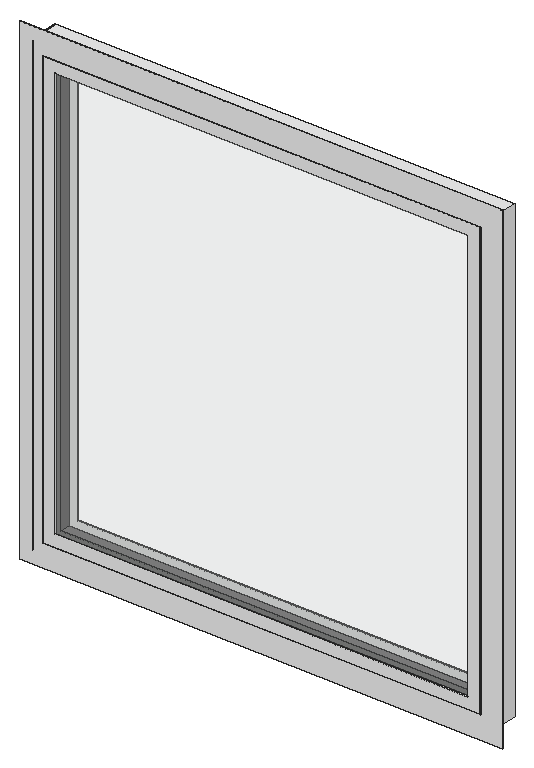
Revit family "Casement_34_B_Side_Hung_Standard", category Windows, host Wall, Revit 2014
Parameters (values of type "Casement_Sash_DG")
  Width Sash [instance] = 30 mm
  Width Sash Inner = 15 mm
  Width Bead = 15 mm
  Top Hung [instance] = yes
  Side Hung Right [instance] = yes
  Side Hung Left [instance] = yes
  Sash Opening Width [instance] = 600 mm
  Sash Opening Height [instance] = 600.312 mm
  Sash Lip = 15 mm
  Glazing Material [instance] = Glass
  DG Start Piece 2 [instance] = DG End Piece 1 + DG Gasket Thickness  # 25 mm
  DG Start Peice 1 [instance] = (Depth Sash - (2 * DG Glazing Thickness) - DG Gasket Thickness) / 2  # 6.6 mm
  Glazing Offset = 5 mm
  DG Glazing Thickness [instance] = 6.4 mm
  DG Gasket Thickness = 12 mm  # constant formula
  DG Gasket Material [instance] = Double Glazing Gasket Material
  DG End Piece 2 [instance] = DG Start Piece 2 + DG Glazing Thickness  # 31.4 mm
  DG End Piece 1 [instance] = DG Start Peice 1 + DG Glazing Thickness  # 13 mm
  Depth Sash [instance] = 38 mm
  Center Vertical Sash [instance] = Sash Opening Height / 2  # 300.156 mm
  Center Horizontal Sash [instance] = Sash Opening Width / 2  # 300 mm
  Bottom Hung [instance] = yes
  Bead Offset = 15 mm
  Aluminium Thickness = 1 mm
  Aluminium Material [instance] = White Powder Coated Aluminium
Reference planes
  plane 1 "Center (Front/Back)": y = 0
  plane 2: z = 0
  plane 3 "Center (Left/Right)": x = 0
Forms (mm)
  Sweep 1, solid, material "White Powder Coated Aluminium" <- "Aluminium Material"
    path origin (16.177, 0, 121.331) x (1, 0, 0) y (0, 0, 1)
      loop
        line (0, 0) -> (600, 0) -> (600, 600.312) -> (0, 600.312) -> (0, 0)
    profile origin (316.177, 0, 121.331) x (0, 0, 1) y (0, -1, 0)
      loop
        line (0, 0) -> (30, 0) -> (30, 1) -> (15, 1) -> (15, 38) -> (-15, 38) -> (-15, 37) -> (0, 37) -> (0, 0)
      loop
        line (14, 1) -> (14, 37) -> (1, 37) -> (1, 1) -> (14, 1)
  Sweep 2, solid, material "White Powder Coated Aluminium" <- "Aluminium Material"
    path origin (0, 0, 0) x (1, 0, 0) y (0, 0, 1)
      loop
        line (31.177, 706.643) -> (31.177, 136.331) -> (601.177, 136.331) -> (601.177, 706.643) -> (31.177, 706.643)
    profile origin (316.177, 0, 706.643) x (0, 0, 1) y (0, -1, 0)
      loop
        line (0, 37) -> (0, 38) -> (-15, 38) -> (-15, 37) -> (0, 37)
  Extrusion 3, solid, material "Glass" <- "Glazing Material"
    sketch origin (0, 0, 0) x (1, 0, 0) y (0, 0, 1)
      loop
        line (36.177, 701.643) -> (36.177, 141.331) -> (596.177, 141.331) -> (596.177, 701.643) -> (36.177, 701.643)
    from 6.6 <- "DG Start Peice 1" to 13 <- "DG End Piece 1"
  Extrusion 4, solid, material "Glass" <- "Glazing Material"
    sketch origin (0, 0, 0) x (1, 0, 0) y (0, 0, 1)
      loop
        line (36.177, 701.643) -> (36.177, 141.331) -> (596.177, 141.331) -> (596.177, 701.643) -> (36.177, 701.643)
    from 31.4 <- "DG End Piece 2" to 25 <- "DG Start Piece 2"
  Sweep 5, solid, material "Double Glazing Gasket Material" <- "DG Gasket Material"
    path origin (0, -13, 0) x (1, 0, 0) y (0, 0, 1)
      loop
        line (36.177, 701.643) -> (36.177, 141.331) -> (596.177, 141.331) -> (596.177, 701.643) -> (36.177, 701.643)
    profile origin (316.177, -13, 701.643) x (0, 0, 1) y (0, -1, 0)
      loop
        line (0, 0) -> (0, 12) -> (-7.96, 12) -> (-7.96, 0) -> (0, 0)
Lines and regions (mm)
  model lines
    curve 1: line (1.177, -38, 736.643) -> (31.177, -38, 706.643)
    curve 2: line (601.177, -38, 706.643) -> (631.177, -38, 736.643)
    curve 3: line (601.177, -38, 136.331) -> (631.177, -38, 106.331)
    curve 4: line (1.177, -38, 106.331) -> (31.177, -38, 136.331)
    curve 5: line (631.177, -37, 736.643) -> (616.177, -37, 721.643)
    curve 6: line (1.177, -37, 736.643) -> (16.177, -37, 721.643)
    curve 7: line (1.177, -37, 106.331) -> (16.177, -37, 121.331)
    curve 8: line (631.177, -37, 106.331) -> (616.177, -37, 121.331)
    curve 9: line (616.177, 0, 121.331) -> (586.177, 0, 151.331)
    curve 10: line (46.177, 0, 151.331) -> (16.177, 0, 121.331)
    curve 11: line (616.177, 0, 721.643) -> (586.177, 0, 691.643)
    curve 12: line (46.177, 0, 691.643) -> (16.177, 0, 721.643)
    curve 13: line (31.177, -38, 691.643) -> (46.177, -38, 691.643)
    curve 14: line (586.177, -38, 691.643) -> (601.177, -38, 691.643)
    curve 15: line (586.177, -38, 151.331) -> (601.177, -38, 151.331)
    curve 16: line (31.177, -38, 151.331) -> (46.177, -38, 151.331)
  model lines, style "GenericModelHiddenLines", visible <- "Top Hung"
    curve 17: line (46.386, -31.4, 690.914) -> (316.177, -31.4, 151.331)
    curve 18: line (316.177, -31.4, 151.331) -> (586.177, -31.4, 691.331)
  model lines, style "GenericModelHiddenLines", visible <- "Bottom Hung"
    curve 19: line (46.177, -31.4, 151.331) -> (316.177, -31.4, 691.331)
    curve 20: line (316.177, -31.4, 691.331) -> (586.177, -31.4, 151.331)
  model lines, style "GenericModelHiddenLines", visible <- "Side Hung Left"
    curve 21: line (46.386, -31.4, 690.914) -> (585.24, -31.4, 421.487)
    curve 22: line (585.24, -31.4, 421.487) -> (46.177, -31.4, 151.331)
  model lines, style "GenericModelHiddenLines", visible <- "Side Hung Right"
    curve 23: line (586.177, -31.4, 691.331) -> (46.177, -31.4, 421.487)
    curve 24: line (46.177, -31.4, 421.487) -> (586.177, -31.4, 151.331)
Dimensions and locks
  "Aluminium Thickness": Sweep 1 sketch curve to Sweep 1 sketch curve  (x4)
  "Depth Sash": Sweep 1 sketch curve to Sweep 1 sketch curve
  "Sash Opening Width": Sweep 1 to Sweep 1
  "Sash Opening Height": Sweep 1 to Sweep 1
  "Width Sash": Sweep 1 sketch curve to Sweep 1 sketch curve  (x2)
  "Width Sash Inner": Sweep 1 sketch curve to Sweep 1 sketch curve
  "Sash Lip": Sweep 1 sketch curve to Sweep 1 sketch curve
  "Aluminium Thickness": Sweep 1 to Sweep 2 sketch curve
  "Glazing Offset": Sweep 2 to Extrusion 3 sketch curve  (x3)
  "Glazing Offset": Extrusion 3 sketch curve to Sweep 2
  Sweep 1 to Sweep 1 = 1 mm
  "Aluminium Thickness": Sweep 2 sketch curve to Sweep 2 sketch curve
  "Width Bead": Sweep 2 sketch curve to Sweep 2 sketch curve
  locked: Sweep 5 sketch curve to Sweep 5 sketch curve at 7.96
  "Center Horizontal Sash": Sweep 1 to curve 18
  "Center Horizontal Sash": Sweep 1 to curve 20
  "Center Vertical Sash": Sweep 1 to curve 22
  "Center Vertical Sash": Sweep 1 to curve 24
  aligned and locked: level to plane 2
  aligned and locked: Sweep 1 sketch curve to Sweep 1 sketch curve  (x2)
  aligned and locked: Sweep 2 sketch curve to Sweep 1  (x5)
  aligned and locked: Extrusion 4 sketch curve to Extrusion 3  (x4)
  aligned and locked: Sweep 5 sketch curve to Extrusion 3  (x5)
  aligned and locked: Extrusion 3 to Sweep 5 sketch curve
Automatic sketch dimensions
  plane 3 "Center (Left/Right)" to Sweep 1 sketch curve = 16.177 mm
  level to Sweep 1 sketch curve = 121.331 mm
  plane 3 "Center (Left/Right)" to Sweep 1 sketch curve = 616.177 mm
  level to Sweep 1 sketch curve = 721.643 mm
  profile plane to Sweep 5 sketch curve = 12 mm
  curve 7 to Sweep 1 = 0 mm  (x4)
  curve 6 to Sweep 1 = 0 mm  (x3)
  Sweep 1 to curve 6 = 0 mm
  curve 5 to Sweep 1 = 0 mm  (x3)
  curve 8 to Sweep 1 = 0 mm  (x4)
  Sweep 1 to curve 5 = 0 mm
  curve 16 to Sweep 2 = 0 mm  (x3)
  curve 13 to Sweep 2 = 0 mm  (x3)
  curve 15 to Sweep 2 = 0 mm
  Sweep 2 to curve 15 = 0 mm  (x2)
  curve 14 to Sweep 2 = 0 mm  (x2)
  Sweep 2 to curve 14 = 0 mm
  curve 1 to Sweep 1 = 0 mm  (x4)
  curve 4 to Sweep 1 = 0 mm  (x3)
  Sweep 1 to curve 4 = 0 mm
  curve 3 to Sweep 1 = 0 mm  (x3)
  curve 2 to Sweep 1 = 0 mm  (x4)
  Sweep 1 to curve 3 = 0 mm
  curve 10 to Sweep 1 = 0 mm  (x4)
  curve 12 to Sweep 1 = 0 mm  (x3)
  Sweep 1 to curve 12 = 0 mm
  curve 9 to Sweep 1 = 0 mm  (x4)
  curve 11 to Sweep 1 = 0 mm  (x3)
  Sweep 1 to curve 11 = 0 mm
  Sweep 1 sketch curve to plane 1 "Center (Front/Back)" = 0 mm
  profile plane to Sweep 1 sketch curve = 0 mm
  curve 21 to Extrusion 4 = 10.208 mm
  curve 19 to Extrusion 4 = 10 mm
  curve 23 to Extrusion 4 = 10 mm  (x2)
  curve 22 to Extrusion 4 = 10.937 mm
  curve 20 to Extrusion 4 = 10 mm
  curve 24 to Extrusion 4 = 10 mm
  curve 22 to Extrusion 4 = 10 mm
  curve 18 to Extrusion 4 = 10 mm
  curve 21 to Extrusion 4 = 10.729 mm
  curve 19 to Extrusion 4 = 10.312 mm
  curve 18 to Extrusion 4 = 10.312 mm
Types in the file's own list only (18): name | Windload Design | Width Sash Opening | Width Sash | Width Profile | Width Panel 4 | Width Panel 1 | Width | URL | Offset Window Exterior | Max System DG Unit Thickness | Max System DG One Piece Thickness | Max Pane Area | Limit Fixed Panel Width Max | Intruderprufe U Value | Intruderprufe SHGC Value | Intruderprufe LowE U Value | Intruderprufe LowE SHGC Value | Height Sash Opening | Height | Energy Advantage U Value | Energy Advantage SHGC Value | DG Thickness Calc | Custom Window Width | Custom Window Height | Window Exterior Offset | Custom Windload | Custom Sash Width | Sash Spacing Inner | Sash Overlap | Sash Center Offset | SG Gasket Thickness | Offset Sash Left | Offset Sash Top | Offset Panel 4 Left | Offset Mullion Left | Offset Bead SG Center Reversed | Model | Manufacturer | Limit Window Width Min | Limit Window Width Max | Limit Window Height Min | Limit Window Height Max | Limit Sash Width Min | Limit Sash Width Max | Limit Sash Height Min | Limit Sash Height Max | Limit Fixed Panel Width Min | Length Mullion | Height Sash | Height Panel 4 | Description | Depth Mullion | Frame Center Offset | Depth Bead | Default Sill Height | Wall Closure | DG Gasket Finish | DG Extrusion Start | Mullion Depth Windload Based | Clearvue U Value | Clearvue SHGC Value | Clearvue Insulated U Value | Clearvue Insulated SHGC Value | Clearvue Insulated LowE U Value | Clearvue Insulated LowE SHGC Value | Casement Dimension | Bead SG Gap | Area Pane Right | Area Pane Left
  34-0909S-1000Pa | 1000 mm | 554 mm | 524 mm | 30 mm | 261 mm | 539 mm | 890 mm | "http://www.crealco.co.za/crealco-products.php" | 17 mm | 20 mm | 4 mm | 0.37 m² | 1500 mm | 6.1 | 0.542 | 4.63 | 0.482 | 844 mm | 890 mm | 4.79 | 0.514 | 4 mm | 890 mm | 890 mm | 0 mm | 1000 mm | 554 mm | 8 mm | 7 mm | 14 mm | 6 mm | 23 mm | 23 mm | 599 mm | 569 mm | 17 mm | "Window 34mm, Type B side hung" | "Crealco" | 829 mm | 2129 mm | 346 mm | 1546 mm | 300 mm | 700 mm | 300 mm | 1500 mm | 200 mm | 890 mm | 814 mm | 830 mm | "Casement 34" | 35 mm | 17 mm | 20 mm | 800 mm | By host | Double Glazing Gasket Material | 7 mm | 35 mm | 6.15 | 0.574 | 4.26 | 0.511 | 3.68 | 0.465 | 34 mm | 13 mm | 0.21 m² | 0.37 m²
  34-0909S-1500Pa | 1500 mm | 554 mm | 524 mm | 30 mm | 261 mm | 539 mm | 890 mm | "http://www.crealco.co.za/crealco-products.php" | 17 mm | 20 mm | 4 mm | 0.37 m² | 1500 mm | 6.1 | 0.542 | 4.63 | 0.482 | 844 mm | 890 mm | 4.79 | 0.514 | 4 mm | 890 mm | 890 mm | 0 mm | 1500 mm | 554 mm | 8 mm | 7 mm | 14 mm | 6 mm | 23 mm | 23 mm | 599 mm | 569 mm | 17 mm | "Window 34mm, Type B side hung" | "Crealco" | 829 mm | 2129 mm | 346 mm | 1546 mm | 300 mm | 700 mm | 300 mm | 1500 mm | 200 mm | 890 mm | 814 mm | 830 mm | "Casement 34" | 35 mm | 17 mm | 20 mm | 800 mm | By host | Double Glazing Gasket Material | 7 mm | 35 mm | 6.15 | 0.574 | 4.26 | 0.511 | 3.68 | 0.465 | 34 mm | 13 mm | 0.21 m² | 0.37 m²
  34-0909S-2000Pa | 2000 mm | 554 mm | 524 mm | 30 mm | 261 mm | 539 mm | 890 mm | "http://www.crealco.co.za/crealco-products.php" | 17 mm | 20 mm | 4 mm | 0.37 m² | 1500 mm | 6.1 | 0.542 | 4.63 | 0.482 | 844 mm | 890 mm | 4.79 | 0.514 | 4 mm | 890 mm | 890 mm | 0 mm | 2000 mm | 554 mm | 8 mm | 7 mm | 14 mm | 6 mm | 23 mm | 23 mm | 599 mm | 569 mm | 17 mm | "Window 34mm, Type B side hung" | "Crealco" | 829 mm | 2129 mm | 346 mm | 1546 mm | 300 mm | 700 mm | 300 mm | 1500 mm | 200 mm | 890 mm | 814 mm | 830 mm | "Casement 34" | 35 mm | 17 mm | 20 mm | 800 mm | By host | Double Glazing Gasket Material | 7 mm | 35 mm | 6.15 | 0.574 | 4.26 | 0.511 | 3.68 | 0.465 | 34 mm | 13 mm | 0.21 m² | 0.37 m²
  34-1209S-1000Pa | 1000 mm | 554 mm | 524 mm | 30 mm | 561 mm | 539 mm | 1190 mm | "http://www.crealco.co.za/crealco-products.php" | 17 mm | 20 mm | 4 mm | 0.45 m² | 1500 mm | 6.02 | 0.587 | 4.41 | 0.521 | 844 mm | 890 mm | 4.6 | 0.556 | 4 mm | 1190 mm | 890 mm | 0 mm | 1000 mm | 554 mm | 8 mm | 7 mm | 14 mm | 6 mm | 23 mm | 23 mm | 599 mm | 569 mm | 17 mm | "Window 34mm, Type B side hung" | "Crealco" | 829 mm | 2129 mm | 346 mm | 1546 mm | 300 mm | 700 mm | 300 mm | 1500 mm | 200 mm | 890 mm | 814 mm | 830 mm | "Casement 34" | 35 mm | 17 mm | 20 mm | 800 mm | By host | Double Glazing Gasket Material | 7 mm | 35 mm | 6.1 | 0.621 | 3.99 | 0.552 | 3.38 | 0.502 | 34 mm | 13 mm | 0.45 m² | 0.37 m²
  34-1209S-1500Pa | 1500 mm | 554 mm | 524 mm | 30 mm | 561 mm | 539 mm | 1190 mm | "http://www.crealco.co.za/crealco-products.php" | 17 mm | 20 mm | 4 mm | 0.45 m² | 1500 mm | 6.02 | 0.587 | 4.41 | 0.521 | 844 mm | 890 mm | 4.6 | 0.556 | 4 mm | 1190 mm | 890 mm | 0 mm | 1500 mm | 554 mm | 8 mm | 7 mm | 14 mm | 6 mm | 23 mm | 23 mm | 599 mm | 569 mm | 17 mm | "Window 34mm, Type B side hung" | "Crealco" | 829 mm | 2129 mm | 346 mm | 1546 mm | 300 mm | 700 mm | 300 mm | 1500 mm | 200 mm | 890 mm | 814 mm | 830 mm | "Casement 34" | 35 mm | 17 mm | 20 mm | 800 mm | By host | Double Glazing Gasket Material | 7 mm | 35 mm | 6.1 | 0.621 | 3.99 | 0.552 | 3.38 | 0.502 | 34 mm | 13 mm | 0.45 m² | 0.37 m²
  34-1209S-2000Pa | 2000 mm | 554 mm | 524 mm | 30 mm | 561 mm | 539 mm | 1190 mm | "http://www.crealco.co.za/crealco-products.php" | 17 mm | 20 mm | 4 mm | 0.45 m² | 1500 mm | 6.02 | 0.587 | 4.41 | 0.521 | 844 mm | 890 mm | 4.6 | 0.556 | 4 mm | 1190 mm | 890 mm | 0 mm | 2000 mm | 554 mm | 8 mm | 7 mm | 14 mm | 6 mm | 23 mm | 23 mm | 599 mm | 569 mm | 17 mm | "Window 34mm, Type B side hung" | "Crealco" | 829 mm | 2129 mm | 346 mm | 1546 mm | 300 mm | 700 mm | 300 mm | 1500 mm | 200 mm | 890 mm | 814 mm | 830 mm | "Casement 34" | 35 mm | 17 mm | 20 mm | 800 mm | By host | Double Glazing Gasket Material | 7 mm | 35 mm | 6.1 | 0.621 | 3.99 | 0.552 | 3.38 | 0.502 | 34 mm | 13 mm | 0.45 m² | 0.37 m²
  34-1509S-1000Pa | 1000 mm | 554 mm | 524 mm | 30 mm | 861 mm | 539 mm | 1490 mm | "http://www.crealco.co.za/crealco-products.php" | 17 mm | 20 mm | 4 mm | 0.70 m² | 1500 mm | 5.98 | 0.614 | 4.29 | 0.543 | 844 mm | 890 mm | 4.49 | 0.581 | 4 mm | 1490 mm | 890 mm | 0 mm | 1000 mm | 554 mm | 8 mm | 7 mm | 14 mm | 6 mm | 23 mm | 23 mm | 599 mm | 569 mm | 17 mm | "Window 34mm, Type B side hung" | "Crealco" | 829 mm | 2129 mm | 346 mm | 1546 mm | 300 mm | 700 mm | 300 mm | 1500 mm | 200 mm | 890 mm | 814 mm | 830 mm | "Casement 34" | 35 mm | 17 mm | 20 mm | 800 mm | By host | Double Glazing Gasket Material | 7 mm | 35 mm | 6.07 | 0.65 | 3.82 | 0.576 | 3.2 | 0.524 | 34 mm | 13 mm | 0.70 m² | 0.37 m²
  34-1509S-1500Pa | 1500 mm | 554 mm | 524 mm | 30 mm | 861 mm | 539 mm | 1490 mm | "http://www.crealco.co.za/crealco-products.php" | 17 mm | 20 mm | 4 mm | 0.70 m² | 1500 mm | 5.98 | 0.614 | 4.29 | 0.543 | 844 mm | 890 mm | 4.49 | 0.581 | 4 mm | 1490 mm | 890 mm | 0 mm | 1500 mm | 554 mm | 8 mm | 7 mm | 14 mm | 6 mm | 23 mm | 23 mm | 599 mm | 569 mm | 17 mm | "Window 34mm, Type B side hung" | "Crealco" | 829 mm | 2129 mm | 346 mm | 1546 mm | 300 mm | 700 mm | 300 mm | 1500 mm | 200 mm | 890 mm | 814 mm | 830 mm | "Casement 34" | 35 mm | 17 mm | 20 mm | 800 mm | By host | Double Glazing Gasket Material | 7 mm | 35 mm | 6.07 | 0.65 | 3.82 | 0.576 | 3.2 | 0.524 | 34 mm | 13 mm | 0.70 m² | 0.37 m²
  34-1509S-2000Pa | 2000 mm | 554 mm | 524 mm | 30 mm | 861 mm | 539 mm | 1490 mm | "http://www.crealco.co.za/crealco-products.php" | 17 mm | 20 mm | 4 mm | 0.70 m² | 1500 mm | 5.98 | 0.614 | 4.29 | 0.543 | 844 mm | 890 mm | 4.49 | 0.581 | 4 mm | 1490 mm | 890 mm | 0 mm | 2000 mm | 554 mm | 8 mm | 7 mm | 14 mm | 6 mm | 23 mm | 23 mm | 599 mm | 569 mm | 17 mm | "Window 34mm, Type B side hung" | "Crealco" | 829 mm | 2129 mm | 346 mm | 1546 mm | 300 mm | 700 mm | 300 mm | 1500 mm | 200 mm | 890 mm | 814 mm | 830 mm | "Casement 34" | 35 mm | 17 mm | 20 mm | 800 mm | By host | Double Glazing Gasket Material | 7 mm | 35 mm | 6.07 | 0.65 | 3.82 | 0.576 | 3.2 | 0.524 | 34 mm | 13 mm | 0.70 m² | 0.37 m²
  34-0912S-1000Pa | 1000 mm | 554 mm | 524 mm | 30 mm | 261 mm | 539 mm | 890 mm | "http://www.crealco.co.za/crealco-products.php" | 17 mm | 20 mm | 4 mm | 0.52 m² | 1500 mm | 6.08 | 0.564 | 4.56 | 0.5 | 1144 mm | 1190 mm | 4.71 | 0.534 | 4 mm | 890 mm | 1190 mm | 0 mm | 1000 mm | 554 mm | 8 mm | 7 mm | 14 mm | 6 mm | 23 mm | 23 mm | 599 mm | 569 mm | 17 mm | "Window 34mm, Type B side hung" | "Crealco" | 829 mm | 2129 mm | 346 mm | 1546 mm | 300 mm | 700 mm | 300 mm | 1500 mm | 200 mm | 1190 mm | 1114 mm | 1130 mm | "Casement 34" | 35 mm | 17 mm | 20 mm | 800 mm | By host | Double Glazing Gasket Material | 7 mm | 35 mm | 6.13 | 0.596 | 4.15 | 0.53 | 3.56 | 0.483 | 34 mm | 13 mm | 0.28 m² | 0.52 m²
  34-0912S-1500Pa | 1500 mm | 554 mm | 524 mm | 30 mm | 261 mm | 539 mm | 890 mm | "http://www.crealco.co.za/crealco-products.php" | 17 mm | 20 mm | 4 mm | 0.52 m² | 1500 mm | 6.08 | 0.564 | 4.56 | 0.5 | 1144 mm | 1190 mm | 4.71 | 0.534 | 4 mm | 890 mm | 1190 mm | 0 mm | 1500 mm | 554 mm | 8 mm | 7 mm | 14 mm | 6 mm | 23 mm | 23 mm | 599 mm | 569 mm | 17 mm | "Window 34mm, Type B side hung" | "Crealco" | 829 mm | 2129 mm | 346 mm | 1546 mm | 300 mm | 700 mm | 300 mm | 1500 mm | 200 mm | 1190 mm | 1114 mm | 1130 mm | "Casement 34" | 35 mm | 17 mm | 20 mm | 800 mm | By host | Double Glazing Gasket Material | 7 mm | 35 mm | 6.13 | 0.596 | 4.15 | 0.53 | 3.56 | 0.483 | 34 mm | 13 mm | 0.28 m² | 0.52 m²
  34-0912S-2000Pa | 2000 mm | 554 mm | 524 mm | 30 mm | 261 mm | 539 mm | 890 mm | "http://www.crealco.co.za/crealco-products.php" | 17 mm | 20 mm | 4 mm | 0.52 m² | 1500 mm | 6.08 | 0.564 | 4.56 | 0.5 | 1144 mm | 1190 mm | 4.71 | 0.534 | 4 mm | 890 mm | 1190 mm | 0 mm | 2000 mm | 554 mm | 8 mm | 7 mm | 14 mm | 6 mm | 23 mm | 23 mm | 599 mm | 569 mm | 17 mm | "Window 34mm, Type B side hung" | "Crealco" | 829 mm | 2129 mm | 346 mm | 1546 mm | 300 mm | 700 mm | 300 mm | 1500 mm | 200 mm | 1190 mm | 1114 mm | 1130 mm | "Casement 34" | 54 mm | 17 mm | 20 mm | 800 mm | By host | Double Glazing Gasket Material | 7 mm | 54 mm | 6.13 | 0.596 | 4.15 | 0.53 | 3.56 | 0.483 | 34 mm | 13 mm | 0.28 m² | 0.52 m²
  34-1212S-1000Pa | 1000 mm | 554 mm | 524 mm | 30 mm | 561 mm | 539 mm | 1190 mm | "http://www.crealco.co.za/crealco-products.php" | 17 mm | 20 mm | 4 mm | 0.62 m² | 1500 mm | 6.01 | 0.609 | 4.35 | 0.539 | 1144 mm | 1190 mm | 4.52 | 0.576 | 4 mm | 1190 mm | 1190 mm | 0 mm | 1000 mm | 554 mm | 8 mm | 7 mm | 14 mm | 6 mm | 23 mm | 23 mm | 599 mm | 569 mm | 17 mm | "Window 34mm, Type B side hung" | "Crealco" | 829 mm | 2129 mm | 346 mm | 1546 mm | 300 mm | 700 mm | 300 mm | 1500 mm | 200 mm | 1190 mm | 1114 mm | 1130 mm | "Casement 34" | 35 mm | 17 mm | 20 mm | 800 mm | By host | Double Glazing Gasket Material | 7 mm | 35 mm | 6.08 | 0.644 | 3.88 | 0.571 | 3.25 | 0.519 | 34 mm | 13 mm | 0.62 m² | 0.52 m²
  34-1212S-1500Pa | 1500 mm | 554 mm | 524 mm | 30 mm | 561 mm | 539 mm | 1190 mm | "http://www.crealco.co.za/crealco-products.php" | 17 mm | 20 mm | 4 mm | 0.62 m² | 1500 mm | 5.84 | 0.607 | 4.45 | 0.541 | 1144 mm | 1190 mm | 4.61 | 0.577 | 4 mm | 1190 mm | 1190 mm | 0 mm | 1500 mm | 554 mm | 8 mm | 7 mm | 14 mm | 6 mm | 23 mm | 23 mm | 599 mm | 569 mm | 17 mm | "Window 34mm, Type B side hung" | "Crealco" | 829 mm | 2129 mm | 346 mm | 1546 mm | 300 mm | 700 mm | 300 mm | 1500 mm | 200 mm | 1190 mm | 1114 mm | 1130 mm | "Casement 34" | 54 mm | 17 mm | 20 mm | 800 mm | By host | Double Glazing Gasket Material | 7 mm | 54 mm | 6.15 | 0.644 | 3.8 | 0.586 | 3.37 | 0.521 | 34 mm | 13 mm | 0.62 m² | 0.52 m²
  34-1212S-2000Pa | 2000 mm | 554 mm | 524 mm | 30 mm | 561 mm | 539 mm | 1190 mm | "http://www.crealco.co.za/crealco-products.php" | 17 mm | 20 mm | 4 mm | 0.62 m² | 1500 mm | 5.84 | 0.607 | 4.45 | 0.541 | 1144 mm | 1190 mm | 4.61 | 0.577 | 4 mm | 1190 mm | 1190 mm | 0 mm | 2000 mm | 554 mm | 8 mm | 7 mm | 14 mm | 6 mm | 23 mm | 23 mm | 599 mm | 569 mm | 17 mm | "Window 34mm, Type B side hung" | "Crealco" | 829 mm | 2129 mm | 346 mm | 1546 mm | 300 mm | 700 mm | 300 mm | 1500 mm | 200 mm | 1190 mm | 1114 mm | 1130 mm | "Casement 34" | 54 mm | 17 mm | 20 mm | 800 mm | By host | Double Glazing Gasket Material | 7 mm | 54 mm | 6.15 | 0.644 | 3.8 | 0.586 | 3.37 | 0.521 | 34 mm | 13 mm | 0.62 m² | 0.52 m²
  34-1512S-1000Pa | 1000 mm | 554 mm | 524 mm | 30 mm | 861 mm | 539 mm | 1490 mm | "http://www.crealco.co.za/crealco-products.php" | 17 mm | 20 mm | 4 mm | 0.95 m² | 1500 mm | 5.96 | 0.636 | 4.23 | 0.561 | 1144 mm | 1190 mm | 4.41 | 0.601 | 4 mm | 1490 mm | 1190 mm | 0 mm | 1000 mm | 554 mm | 8 mm | 7 mm | 14 mm | 6 mm | 23 mm | 23 mm | 599 mm | 569 mm | 17 mm | "Window 34mm, Type B side hung" | "Crealco" | 829 mm | 2129 mm | 346 mm | 1546 mm | 300 mm | 700 mm | 300 mm | 1500 mm | 200 mm | 1190 mm | 1114 mm | 1130 mm | "Casement 34" | 35 mm | 17 mm | 20 mm | 800 mm | By host | Double Glazing Gasket Material | 7 mm | 35 mm | 6.05 | 0.672 | 3.72 | 0.596 | 3.07 | 0.542 | 34 mm | 13 mm | 0.95 m² | 0.52 m²
  34-1512S-1500Pa | 1500 mm | 554 mm | 524 mm | 30 mm | 861 mm | 539 mm | 1490 mm | "http://www.crealco.co.za/crealco-products.php" | 17 mm | 20 mm | 4 mm | 0.95 m² | 1500 mm | 5.83 | 0.634 | 4.31 | 0.563 | 1144 mm | 1190 mm | 4.48 | 0.602 | 4 mm | 1490 mm | 1190 mm | 0 mm | 1500 mm | 554 mm | 8 mm | 7 mm | 14 mm | 6 mm | 23 mm | 23 mm | 599 mm | 569 mm | 17 mm | "Window 34mm, Type B side hung" | "Crealco" | 829 mm | 2129 mm | 346 mm | 1546 mm | 300 mm | 700 mm | 300 mm | 1500 mm | 200 mm | 1190 mm | 1114 mm | 1130 mm | "Casement 34" | 54 mm | 17 mm | 20 mm | 800 mm | By host | Double Glazing Gasket Material | 7 mm | 54 mm | 6.11 | 0.672 | 3.65 | 0.607 | 3.16 | 0.543 | 34 mm | 13 mm | 0.95 m² | 0.52 m²
  34-1512S-2000Pa | 2000 mm | 554 mm | 524 mm | 30 mm | 861 mm | 539 mm | 1490 mm | "http://www.crealco.co.za/crealco-products.php" | 17 mm | 20 mm | 4 mm | 0.95 m² | 1500 mm | 5.83 | 0.634 | 4.31 | 0.563 | 1144 mm | 1190 mm | 4.48 | 0.602 | 4 mm | 1490 mm | 1190 mm | 0 mm | 2000 mm | 554 mm | 8 mm | 7 mm | 14 mm | 6 mm | 23 mm | 23 mm | 599 mm | 569 mm | 17 mm | "Window 34mm, Type B side hung" | "Crealco" | 829 mm | 2129 mm | 346 mm | 1546 mm | 300 mm | 700 mm | 300 mm | 1500 mm | 200 mm | 1190 mm | 1114 mm | 1130 mm | "Casement 34" | 54 mm | 17 mm | 20 mm | 800 mm | By host | Double Glazing Gasket Material | 7 mm | 54 mm | 6.11 | 0.672 | 3.65 | 0.607 | 3.16 | 0.543 | 34 mm | 13 mm | 0.95 m² | 0.52 m²
